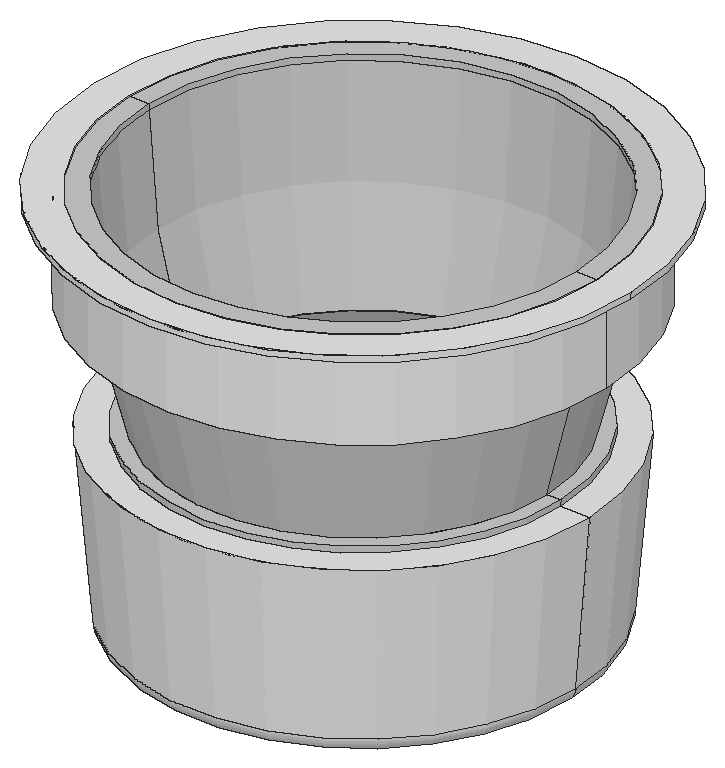
Revit family "2059340 Lighting Fixture_Sylvania_Ascent 150 II Round_Ceiling Recessed", category Lighting Fixtures, host Face, Revit 2017
Family settings
  Host = Face
  Round Connector Dimension = Use Diameter
  Part Type = Normal
  OmniClass Number = 23.80.70.11.17
  OmniClass Title = Specialized Lighting by Location or Use
  Cut with Voids When Loaded = No
  Light Source = Yes
  Shared = No
  Room Calculation Point = No
Parameters (values of type "ASCENT 150 II 1100 3K STD")
  Upper Body Radius = Radius - 14.5 mm  # 80.0 mm
  Upper Body Material = Metal_Sylvania_Ascent 150 II_Black
  Ring Outer Diameter = Diameter - 17.0 mm  # 172.0 mm
  Ring Inner Diameter = Ring Outer Diameter - 4.0 mm  # 168.0 mm
  Reflector Material = Metal_Sylvania_Ascent 150 II_Polished
  Recessed Depth = 142.0 mm
  Radius = Diameter / 2  # 94.5 mm
  Light Emit  Diameter = Diameter - 38.0 mm  # 151.0 mm
  LOR = "100%"  # constant formula
  Inrush Current (max. quantity per 16A C breaker) = "80"  # constant formula
  Inner Reflector Radius = Inner Radius - 19.5 mm  # 63.0 mm
  Inner Radius = Inner Diameter / 2  # 82.5 mm
  Inner Diameter = Diameter - 24.0 mm  # 165.0 mm
  IP Rating = "IP44"  # constant formula
  IK Rating = "IK02"  # constant formula
  Glow Wire Test = 650 °C  # constant formula
  Energy Class = "A++,A+,A"  # constant formula
  Weight = 1.7 kg
  Wattage = 9.13008 W
  built-in parameter 1150110 = 1 (stored number, unit not read)
  Voltage Comments = "UNV (Universal Voltage; 220-240 Volt)"  # constant formula
  Voltage = 230 V  # constant formula
  URL = "https://www.sylvania-lighting.com"
  built-in parameter 1114217 = 1 (stored number, unit not read)
  Tilt Angle = -90°
  built-in parameter 1150109 = 1 (stored number, unit not read)
  built-in parameter 1150134 = (empty or 0)
  built-in parameter 1150113 = 1 (stored number, unit not read)
  Product Page URL = "https://www.sylvania-lighting.com/product/en-int/products/2059340"
  Product Family = "ASCENT 150 II ROUND"  # constant formula
  Photometry Comments = ""
  Photometric Web File = "2059340_ASCENT150II11003KSTD-206115.ies"
  Life = "50 000 h"  # constant formula
  Emit from Circle Diameter = Light Emit  Diameter  # 151.0 mm
  Emit Shape Visible in Rendering = no
  Emergency duration (h) = "N/A"
  Electrical Protection = "Class II"  # constant formula
  Drive Current = "350mA"  # constant formula
  Distribution type = "Direct"  # constant formula
  Diffuser Material = Glass_Sylvania_Ascent 150 II_Clear_3000K
  Diameter = 189.0 mm
  Cutout Diameter = Diameter - 13.0 mm  # 176.0 mm
  Colour consistency (SDCM) = "3 step"  # constant formula
  built-in parameter 1114216 [instance] = 1 (stored number, unit not read)
  Model = "ASCENT 150 II 1100 3K STD"
  Manufacturer = "Feilo Sylvania"
  built-in parameter 1150105 = 685.08 (stored number, unit not read)
  Lumens = 1123 lm
  built-in parameter 1150115 = 1 (stored number, unit not read)
  built-in parameter 1150137 = (empty or 0)
  built-in parameter 1150139 = (empty or 0)
  built-in parameter 1150112 = 1 (stored number, unit not read)
  built-in parameter 1150114 = 1 (stored number, unit not read)
  Lamp Comments = "Integrated LED"  # constant formula
  Lamp = "LED"  # constant formula
  built-in parameter 1150132 = 2
  built-in parameter 1150102 = (empty or 0)
  built-in parameter 1150107 = 3000 (stored number, unit not read)
  built-in parameter 1150138 = (empty or 0)
  built-in parameter 1150106 = 6.8508 (stored number, unit not read)
  built-in parameter 1150104 = 11.427 (stored number, unit not read)
  Dimming Lamp Color Temperature Shift = <None>
  Description = "A very high efficient round downlight up to 127lm/W Long life >50,000hrs 4,000K and 3,000K CCT and CRI Ra85 IP44 rated for wet areas and bathrooms UGR <19 version for offices to comply with EN12464-1 Wide selection of decorative accessories"  # constant formula
  Default Elevation = 0.0 mm
  Color Filter = 16777215
  Catalog Number = "2059340 ASCENT 150 II 1100 3K STD"
  built-in parameter 1140040 [instance] = 1
  CRI (Ra) = ">80"  # constant formula
  built-in parameter 1114218 = 1 (stored number, unit not read)
  built-in parameter 1150133 = 10 (stored number, unit not read)
  Assembly Code = "D5020200"
  Apparent Load Comments = ""
  Apparent Load = 10 VA
  Accessory Material = Aluminum_Sylvania_Ascent 150 II_White
Reference planes
  plane 1 "Center (Front/Back)": y = 0
  plane 2: z = 0
  plane 3 "Center (Left/Right)": x = 0
  plane 4: z = 2
  plane 5: z = -74
  plane 6 "Fixture Top": z = -140
  plane 7: z = -31
  plane 8: z = -72
  plane 9: z = -62.037
Forms (mm)
  Extrusion 1, solid, material "Aluminum_Sylvania_Ascent 150 II_White" <- "Accessory Material", detail levels fine
    sketch origin (0, 0, 0) x (1, 0, 0) y (0, 1, 0)
      loop
        circle (0, 0) r 94.5
      loop
        circle (0, 0) r 82.5
    from 0 to 2
  Extrusion 2, void
    sketch origin (0, 0, 0) x (1, 0, 0) y (0, 1, 0)
      loop
        circle (0, 0) r 88
    from -140 to 2
  Revolve 3, solid, material "Metal_Sylvania_Ascent 150 II_Polished" <- "Reflector Material", detail levels fine
    sketch origin (0, 0, 0) x (1, 0, 0) y (0, 0, 1)
      loop
        line (-82.5, 0) -> (-77.5, 0)
        arc (-77.5, 0) -> (-74.352, -36.539) -> (-65, -72) r 213.61
        line (-65, -72) -> (-70, -72) -> (-70, -74) -> (0, -74) -> (0, -72) -> (-63, -72)
        arc (-63, -72) -> (-72.352, -36.539) -> (-75.5, 0) r 213.61
        line (-75.5, 0) -> (-75.5, 2) -> (-82.5, 2) -> (-82.5, 0)
      axis (0, 2) -> (0, -74)
    angle from 0 to 360
  Extrusion 4, solid, material "Aluminum_Sylvania_Ascent 150 II_White" <- "Accessory Material", detail levels fine
    sketch origin (0, 0, 0) x (1, 0, 0) y (0, 1, 0)
      loop
        circle (0, 0) r 86
      loop
        circle (0, 0) r 84
    from -31 to 0
  Revolve 5, solid, material "Glass_Sylvania_Ascent 150 II_Clear_3000K" <- "Diffuser Material", detail levels fine
    sketch origin (0, 0, 0) x (1, 0, 0) y (0, 0, 1)
      loop
        line (-63, -72) -> (0, -72) -> (0, -62.037)
        arc (0, -62.037) -> (-31.891, -64.543) -> (-63, -72) r 204.163
      axis (0, -62.037) -> (0, -72)
    angle from 0 to 360
  Revolve 6, solid, material "Metal_Sylvania_Ascent 150 II_Black" <- "Upper Body Material", detail levels fine
    sketch origin (0, 0, 0) x (1, 0, 0) y (0, 0, 1)
      loop
        line (0, -74) -> (-80, -74) -> (-75.107, -129.929)
        arc (-75.107, -129.929) -> (-73.452, -133.536) -> (-69.924, -135.353) r 6.079
        arc (-69.924, -135.353) -> (-35.039, -138.837) -> (0, -140) r 528.435
        line (0, -140) -> (0, -74)
      axis (0, -74) -> (0, -140)
    angle from 0 to 360
  Revolve 7, solid, material "Aluminum_Sylvania_Ascent 150 II_White" <- "Accessory Material", detail levels coarse+medium
    sketch origin (0, 0, 0) x (1, 0, 0) y (0, 0, 1)
      loop
        arc (-69.924, -135.353) -> (-35.039, -138.837) -> (0, -140) r 528.435
        line (0, -140) -> (0, 2) -> (-94.5, 2) -> (-94.5, 0) -> (-86, 0) -> (-86, -31)
        arc (-86, -31) -> (-84.493, -52.708) -> (-80, -74) r 157.083
        line (-80, -74) -> (-75.107, -129.929)
        arc (-75.107, -129.929) -> (-73.452, -133.536) -> (-69.924, -135.353) r 6.079
      axis (0, 2) -> (0, -140)
    angle from 0 to 360
Cuts and joins
  joined: Extrusion 1, Extrusion 4
Lines and regions (mm)
  Masking region 1
    outline origin (0, 0, 0) x (1, 0, 0) y (0, 1, 0)
      loop
        circle (0, 0) r 94.5
  symbolic lines, detail levels fine
    curve 1: arc (-75.5, 0, 0) -> (0, 75.5, 0) -> (75.5, 0, 0) r 75.5
    curve 2: arc (75.5, 0, 0) -> (0, -75.5, 0) -> (-75.5, 0, 0) r 75.5
Dimensions and locks
  plane 4 to plane 2 to plane 7 to plane 9 to plane 8 to plane 5 = 2.0 mm locked, 31.0 mm locked, 31.037 mm locked, 9.963 mm locked, 2.0 mm locked
  "Inner Radius": plane 3 "Center (Left/Right)" to Revolve 3 sketch curve
  locked: Revolve 3 sketch curve to Revolve 3 sketch curve at 7
  Revolve 3 sketch curve to Revolve 3 sketch curve to Revolve 3 sketch curve to Revolve 3 sketch curve = 2.0 mm locked, 5.0 mm locked, 12.5 mm locked
  "Inner Reflector Radius": Revolve 5 sketch curve to imposter light
  Revolve 6 sketch curve to Revolve 6 sketch curve to plane 6 "Fixture Top" = 5.424 mm locked, 4.647 mm locked
  "Recessed Depth": plane 4 to plane 6 "Fixture Top"
  "Upper Body Radius": plane 3 "Center (Left/Right)" to Revolve 6 sketch curve
  Revolve 6 sketch curve to Revolve 6 sketch curve to Revolve 6 sketch curve = 4.893 mm locked, 5.183 mm locked
  Revolve 7 sketch curve to Revolve 7 sketch curve to plane 6 "Fixture Top" = 5.424 mm locked, 4.647 mm locked
  Revolve 7 sketch curve to Revolve 7 sketch curve to Revolve 7 sketch curve to Revolve 7 sketch curve to Revolve 7 sketch curve = 8.5 mm locked, 6.0 mm locked, 4.893 mm locked, 5.183 mm locked
  "Radius": plane 3 "Center (Left/Right)" to Revolve 7 sketch curve
  "Diameter": diameter of Extrusion 1 sketch curve
  "Inner Diameter": diameter of Extrusion 1 sketch curve
  "Cutout Diameter": diameter of Extrusion 2 sketch curve
  "Ring Outer Diameter": diameter of Extrusion 4 sketch curve
  "Ring Inner Diameter": diameter of Extrusion 4 sketch curve
  aligned and locked: plane 2 to host face
  aligned and locked: level to host face
  aligned and locked: imposter light to plane 3 "Center (Left/Right)"
  aligned and locked: imposter light to plane 1 "Center (Front/Back)"
  aligned and locked: Extrusion 1 to plane 2
  aligned and locked: plane 4 to Extrusion 1
  aligned and locked: imposter light to plane 4
  aligned and locked: imposter light to Revolve 3 sketch curve
  aligned and locked: Revolve 3 sketch curve to imposter light
  aligned and locked: Revolve 3 sketch curve to plane 2
  aligned and locked: Revolve 3 sketch curve to Revolve 3 sketch curve
  aligned and locked: plane 5 to Revolve 3 sketch curve
  aligned and locked: Extrusion 4 to plane 7
  aligned and locked: Revolve 3 sketch curve to plane 8
  aligned and locked: Revolve 5 sketch curve to plane 8
  aligned and locked: imposter light to Revolve 5 sketch curve  (x2)
  aligned and locked: imposter light to Revolve 6 sketch curve  (x2)
  aligned and locked: plane 5 to Revolve 6 sketch curve
  aligned and locked: plane 6 "Fixture Top" to Revolve 6 sketch curve
  aligned and locked: Revolve 7 sketch curve to plane 2
  aligned and locked: plane 4 to Revolve 7 sketch curve
  aligned and locked: plane 7 to Revolve 7 sketch curve
  aligned and locked: imposter light to Extrusion 2
  aligned and locked: Extrusion 2 to plane 6 "Fixture Top"
  aligned and locked: Masking region 1 sketch curve to Revolve 7  (x2)
  aligned and locked: curve 1 to Revolve 3
  aligned and locked: curve 2 to Revolve 3
Automatic sketch dimensions
  host sketch curve to host sketch curve = 1040.406 mm
  host sketch curve to host sketch curve = 988.385 mm
  Extrusion 1 sketch curve to Extrusion 1 sketch curve = 0.0 mm  (x2)
  plane 1 "Center (Front/Back)" to Extrusion 1 sketch curve = 0.0 mm
  Extrusion 1 sketch curve to plane 3 "Center (Left/Right)" = 0.0 mm
  plane 1 "Center (Front/Back)" to Extrusion 2 sketch curve = 0.0 mm
  Extrusion 2 sketch curve to plane 3 "Center (Left/Right)" = 0.0 mm
  Revolve 3 sketch curve to plane 3 "Center (Left/Right)" = 0.0 mm
  Revolve 3 sketch curve to level = 0.0 mm
  Revolve 3 sketch curve to Revolve 3 sketch curve = 2.0 mm
  Revolve 3 sketch curve to plane 5 = 27.065 mm
  plane 4 to Revolve 3 sketch curve = 16.525 mm
  Extrusion 4 sketch curve to Extrusion 4 sketch curve = 0.0 mm  (x2)
  plane 1 "Center (Front/Back)" to Extrusion 4 sketch curve = 0.0 mm
  Extrusion 4 sketch curve to plane 3 "Center (Left/Right)" = 0.0 mm
  Revolve 5 sketch curve to plane 9 = 0.0 mm
  Revolve 5 sketch curve to plane 5 = 17.158 mm
  Revolve 5 sketch curve to plane 7 = 15.158 mm
  Revolve 6 sketch curve to plane 7 = 0.0 mm
  Revolve 6 sketch curve to Revolve 6 sketch curve = 6.05 mm
  Revolve 6 sketch curve to plane 6 "Fixture Top" = 26.0 mm
  Revolve 7 sketch curve to plane 3 "Center (Left/Right)" = 0.0 mm  (x2)
  Revolve 7 sketch curve to plane 6 "Fixture Top" = 0.0 mm
  Revolve 7 sketch curve to plane 5 = 0.0 mm
  Revolve 7 sketch curve to plane 7 = 0.0 mm
  Revolve 7 sketch curve to Revolve 7 sketch curve = 0.866 mm
  Revolve 7 sketch curve to Revolve 7 sketch curve = 26.0 mm
Connectors
  electrical at (0, 0, -140), driven by "Apparent Load", driven by "Voltage"
    settings: index 1, voltage 230 V, apparent load 0 VA, apparent load phase1 10 VA, apparent load phase2 0 VA, apparent load phase3 0 VA, power factor 1, load classification "Lighting", number of poles 1, system type 31, power factor state 1, is connector primary yes, connector utility no, sub classification motor no, connector description ""
